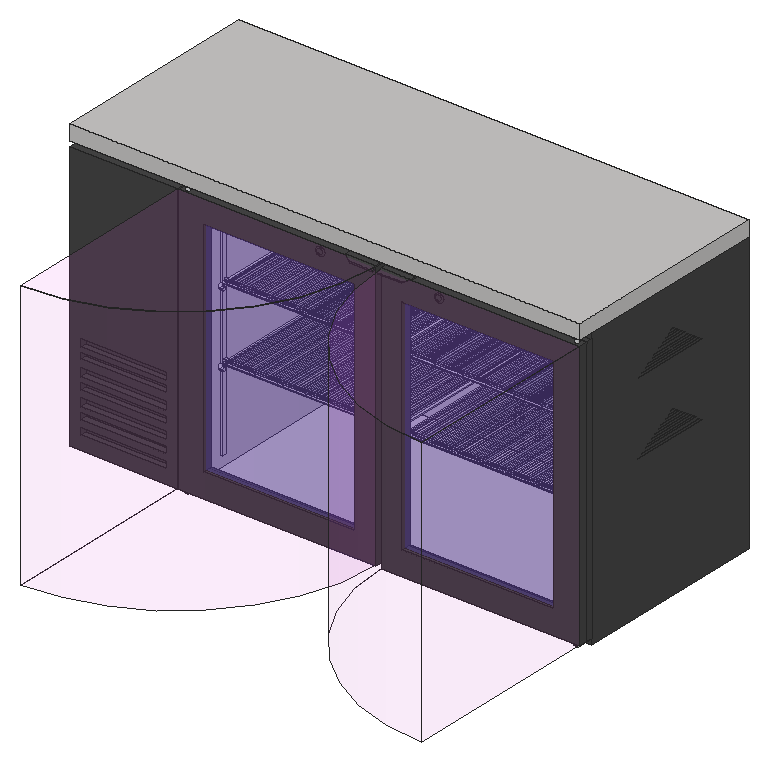
Revit family "QF_True_TBB24-60-2G-Z1-SFT-B-1_Glass_Swing_Door_Back_Bar", category Specialty Equipment, Revit 2021
Family settings
  Round Connector Dimension = Use Diameter
  Part Type = Normal
  Work Plane-Based = No
  Always vertical = Yes
  Cut with Voids When Loaded = No
  Shared = No
  Room Calculation Point = No
Parameters
  Weight in Pounds = 345
  Watts = Volts * FL Amps  # 368 W
  Volts = 115 V
  URL Cutsheet = ""
  Specification by User = ""
  Specification by Manufacturer = ""
  Show Seismic Flanged [instance] = yes
  Show Door Clearance [instance] = yes
  Show Default [instance] = if(or([Show 2" Casters], [Show 3" Casters]), or(or([Show 4" Casters], [Show 5" Casters], [Show 6" Legs]), and([Show 2" Casters], [Show 3" Casters]), and([Show 3" Casters], Show Seismic Flanged)), if(or([Show 4" Casters], [Show 5" Casters]), or(or([Show 6" Legs], Show Seismic Flanged), and([Show 4" Casters], [Show 5" Casters])), if([Show 6" Legs], Show Seismic Flanged, not(Show Seismic Flanged))))  # yes
  Show 6" Legs [instance] = yes
  Show 5" Casters [instance] = yes
  Show 4" Casters [instance] = yes
  Show 3" Casters [instance] = yes
  Show 2" Casters [instance] = yes
  Serial Number = ""
  Seismic Rating = ""
  SMACNA No = ""
  Revision Code = ""
  Phase = 1
  Number of Poles = 1
  NAFEM Spec ID Number = ""
  Model = "TBB24-60-2G-Z1-SFT-B-1"
  Min Ckt Ampacity = 0 A
  Max Overcurrent Protection = 0 A
  Masterspec = ""
  Manufacturer = "True"
  Length = 60 1/32"
  Item Number = ""
  Installed By = ""
  Identify Quantity as Lot = yes
  Height [instance] = Base Height + Body Height  # 34 23/32"
  HP = "1/4"
  Furnished By = ""
  Foodservice Equipment Identifier = yes
  FL Amps = 3.2 A
  Electrical Remarks = ""
  Electric Connection Type = ""
  Elec Conn RI Height = 0"
  Elec Conn Connection Height = 0"
  Door Finish [instance] = QF_Metallic_Paint_Black_Smooth
  Description = "Glass Swing Door Back Bar 24\" Depth Single Zone Cooler with Stainless Finished Top and Black Exterior"
  Depth = 25 11/32"
  Default Elevation = 0"
  Cycle = 60 Hz
  Counter Top Finish [instance] = QF_Metal_Stainless_Polished
  Conn Plug = "NEMA 5-15P"
  Conn Conduit = yes
  CSI MasterFormat = ""
  Body Height [instance] = 34 23/32"
  Body Finish [instance] = QF_Metallic_Paint_Black_Smooth
  Base Height [instance] = if(Show Default, 0", if([Show 2" Casters], 2", if([Show 3" Casters], 3", if([Show 4" Casters], 4", if([Show 5" Casters], 5", if([Show 6" Legs], 6", if(Show Seismic Flanged, 6", 0")))))))  # 0"
  Apparent Power = 0 VA
Reference planes (in)
  plane 1 "BACK": y = 0
  plane 2: z = 0
  plane 3 "LEFT": x = 0
  plane 4 "RIGHT": x = 60.03125
  plane 5 "FRONT": y = -25.34375
  plane 6 "TOP": z = 34.71875
  plane 7 "Center Y": x = 30.01563
  plane 8 "Center X": y = -12.67188
  plane 9: z = 0
Dimensions and locks (in)
  equal spacing: plane 3 "LEFT", plane 7 "Center Y", plane 4 "RIGHT"
  "Length": plane 3 "LEFT" to plane 4 "RIGHT"
  equal spacing: plane 5 "FRONT", plane 8 "Center X", plane 1 "BACK"
  "Depth": plane 5 "FRONT" to plane 1 "BACK"
  plane 6 "TOP" to level = 34 23/32"
  "Base Height": plane 9 to level
  "Body Height": plane 6 "TOP" to plane 9
  aligned and locked: level to plane 2
  aligned and locked: nested 1 to plane 9
Nested families (in)
  nested 1: "TBB24-60-2G-Z1-BST-B-1" at (0, 0, 0), Body Finish <- "Body Finish", Counter Top Finishes <- "Counter Top Finish", Door Finish <- "Door Finish", Show Door Clearance <- "Show Door Clearance", type "TBB24-60-2G-Z1-BST-B-1"
    with Show Door Clearance yes, Door Finish QF_Metallic_Paint_Black_Smooth, Counter Top Finishes QF_Metal_Stainless_Polished, Body Finish QF_Metallic_Paint_Black_Smooth
  nested 2: "Family3" at (3.01562, -20.91792, 0), Show 2" Casters <- "Show 2" Casters", Show 3" Casters <- "Show 3" Casters", Show 4" Casters <- "Show 4" Casters", Show 5" Casters <- "Show 5" Casters", Show 6" Legs <- "Show 6" Legs", Show Seismic Flanged <- "Show Seismic Flanged", type "Family3"
    with Show Seismic Flanged yes, Show 6" Legs yes, Show 5" Casters yes, Show 4" Casters yes, Show 3" Casters yes, Show 2" Casters yes
  nested 3: "Family3" at (57.01562, -20.91792, 0), Show 2" Casters <- "Show 2" Casters", Show 3" Casters <- "Show 3" Casters", Show 4" Casters <- "Show 4" Casters", Show 5" Casters <- "Show 5" Casters", Show 6" Legs <- "Show 6" Legs", Show Seismic Flanged <- "Show Seismic Flanged", type "Family3"
    with Show Seismic Flanged yes, Show 6" Legs yes, Show 5" Casters yes, Show 4" Casters yes, Show 3" Casters yes, Show 2" Casters yes
  nested 4: "Family3" at (3.01562, -3.91792, 0), Show 2" Casters <- "Show 2" Casters", Show 3" Casters <- "Show 3" Casters", Show 4" Casters <- "Show 4" Casters", Show 5" Casters <- "Show 5" Casters", Show 6" Legs <- "Show 6" Legs", Show Seismic Flanged <- "Show Seismic Flanged", type "Family3"
    with Show Seismic Flanged yes, Show 6" Legs yes, Show 5" Casters yes, Show 4" Casters yes, Show 3" Casters yes, Show 2" Casters yes
  nested 5: "Family3" at (57.01562, -3.91792, 0), Show 2" Casters <- "Show 2" Casters", Show 3" Casters <- "Show 3" Casters", Show 4" Casters <- "Show 4" Casters", Show 5" Casters <- "Show 5" Casters", Show 6" Legs <- "Show 6" Legs", Show Seismic Flanged <- "Show Seismic Flanged", type "Family3"
    with Show Seismic Flanged yes, Show 6" Legs yes, Show 5" Casters yes, Show 4" Casters yes, Show 3" Casters yes, Show 2" Casters yes
Connectors (in)
  electrical at (5.92159, 0.23047, 18.36709), driven by "Volts", driven by "Watts"
    settings: on nested 1, index 1, voltage 115 V, apparent load 368 VA, apparent load phase1 0 VA, apparent load phase2 0 VA, apparent load phase3 0 VA, power factor 1, load classification "Other", number of poles 1, system type 30, power factor state 1, is connector primary yes, connector utility no, sub classification motor no, connector description "ELECTRICAL CONNECTION"
Definition of nested family "TBB24-60-2G-Z1-BST-B-1"
  Parameters (values of type "TBB24-60-2G-Z1-BST-B-1")
    Weight in Pounds = 0
    URL Cutsheet = ""
    Specification by User = ""
    Specification by Manufacturer = ""
    Show Door Clearance [instance] = yes
    Serial Number = ""
    Seismic Rating = ""
    SMACNA No = ""
    Revision Code = ""
    NAFEM Spec ID Number = ""
    Masterspec = ""
    Length = 60 1/32"
    Item Number = ""
    Installed By = ""
    Identify Quantity as Lot = yes
    Height = 34 23/32"
    Furnished By = ""
    Foodservice Equipment Identifier = yes
    Door Finish [instance] = none
    Depth = 25 11/32"
    Default Elevation = 0"
    Counter Top Finishes [instance] = none
    CSI MasterFormat = ""
    Body Finish [instance] = none
  Reference planes (in)
    plane 1 "BACK": y = 0
    plane 2: z = 0
    plane 3 "LEFT": x = 0
    plane 4 "RIGHT": x = 60.03125
    plane 5 "FRONT": y = -25.34375
    plane 6 "TOP": z = 34.71875
    plane 7 "Center Y": x = 30.01563
    plane 8 "Center X": y = -12.67188
    plane 9: y = -48.09375
    plane 10: z = 0.6875
    plane 11: z = 32.9375
    plane 12: z = 2.0625
    plane 13: y = -21.41792
    plane 14: z = 0.33506
    plane 15: y = -24.875
    plane 16: y = -21.41792
  Forms (in)
    Extrusion 1, solid, material <- "Counter Top Finishes"
      sketch origin (0, 0, 0) x (1, 0, 0) y (0, 0, 1)
        loop
          line (0, 34.71875) -> (0, 32.9375) -> (60.03125, 32.9375) -> (60.03125, 34.71875) -> (0, 34.71875)
      from 0 to 24.875
    Extrusion 2, solid, material <- "Body Finish"
      sketch origin (0, 0, 0) x (0, 1, 0) y (0, 0, 1)
        loop
          line (0, 32.9375) -> (-23.09422, 32.9375) -> (-23.09422, 0) -> (0, 0) -> (0, 32.9375)
      from 0 to 60.03125
    Extrusion 3, void
      sketch origin (-0.75, -1.91691, 2.0625) x (0, -1, 0) y (1, 0, 0)
        loop
          line (0, 15.65625) -> (21.17731, 15.65625) -> (21.17731, 58.16688) -> (0, 58.16688) -> (0, 15.65625)
      from 0 to 30.21251
    Extrusion 4, solid, material <- "Body Finish"
      sketch origin (0, -23.09422, 32.9375) x (0, 0, -1) y (1, 0, 0)
        loop
          line (0.66249, 0) -> (32.25, 0) -> (32.25, 12.78125) -> (0.66249, 12.78125) -> (0.66249, 0)
      from 0 to 1.78078
    Extrusion 5, void
      sketch origin (0, -24.875, 32.9375) x (0, 0, 1) y (1, 0, 0)
        loop
          line (-20.35539, 1.27626) -> (-20.35539, 11.4546) -> (-21.35539, 11.4546) -> (-21.35539, 1.27626) -> (-20.35539, 1.27626)
        loop
          line (-21.80947, 1.27626) -> (-21.80947, 11.4546) -> (-22.63661, 11.4546) -> (-22.63661, 1.27626) -> (-21.80947, 1.27626)
        loop
          line (-23.48039, 1.27626) -> (-23.48039, 11.4546) -> (-24.48039, 11.4546) -> (-24.48039, 1.27626) -> (-23.48039, 1.27626)
        loop
          line (-25.05947, 1.27626) -> (-25.05947, 11.4546) -> (-25.88661, 11.4546) -> (-25.88661, 1.27626) -> (-25.05947, 1.27626)
        loop
          line (-26.60539, 1.27626) -> (-26.60539, 11.4546) -> (-27.60539, 11.4546) -> (-27.60539, 1.27626) -> (-26.60539, 1.27626)
        loop
          line (-28.18447, 1.27626) -> (-28.18447, 11.4546) -> (-29.01161, 11.4546) -> (-29.01161, 1.27626) -> (-28.18447, 1.27626)
        loop
          line (-29.80947, 1.27626) -> (-29.80947, 11.4546) -> (-30.63661, 11.4546) -> (-30.63661, 1.27626) -> (-29.80947, 1.27626)
      from 0 to 0.83594
    Extrusion 6, solid
      sketch origin (0, 0, 32.6875) x (0, 0, 1) y (1, 0, 0)
        loop
          arc (-12.59037, 11.27264) -> (-12.81004, 11.80298) -> (-13.34037, 12.02264) r 0.75
          line (-13.34037, 12.02264) -> (-31.375, 12.02264)
          arc (-31.375, 12.02264) -> (-31.90533, 11.80298) -> (-32.125, 11.27264) r 0.75
          line (-32.125, 11.27264) -> (-32.125, 0.75)
          arc (-32.125, 0.75) -> (-31.90533, 0.21967) -> (-31.375, 0) r 0.75
          line (-31.375, 0) -> (-13.34037, 0)
          arc (-13.34037, 0) -> (-12.81004, 0.21967) -> (-12.59037, 0.75) r 0.75
          line (-12.59037, 0.75) -> (-12.59037, 5.19897) -> (-12.14941, 5.19897)
          arc (-12.14941, 5.19897) -> (-11.39941, 5.94897) -> (-12.14941, 6.69897) r 0.75
          line (-12.14941, 6.69897) -> (-12.59037, 6.69897) -> (-12.59037, 11.27264)
      from 0 to 0.03125
    Extrusion 7, solid
      sketch origin (0, 0.03125, 32.6875) x (0, 0, 1) y (1, 0, 0)
        loop
          line (-11.64941, 5.94897) -> (-11.89941, 6.38198) -> (-12.39941, 6.38198) -> (-12.64941, 5.94897) -> (-12.39941, 5.51596) -> (-11.89941, 5.51596) -> (-11.64941, 5.94897)
      from 0 to 0.19922
    Extrusion 8, solid
      sketch origin (0, 0.03125, 32.6875) x (0, 0, 1) y (1, 0, 0)
        loop
          circle (-14.32041, 5.92159) r 0.5
      from 0 to 0.19922
    Blend 9, solid, material <- "Door Finish"
      base sketch origin (-5, -24.875, 35.99786) x (0, 0, -1) y (1, 0, 0)
        loop
          circle (4.37806, 48.52437) r 0.5
      top sketch origin (-5, -24.875, 35.99786) x (0, 0, 1) y (1, 0, 0)
        loop
          circle (-4.37806, 48.52437) r 0.37406
      from 0 to 0.04478
    Extrusion 10, solid
      sketch origin (14.90625, -23.09422, 2.0625) x (0, 1, 0) y (0, 0, 1)
        loop
          line (1.6763, 28.46788) -> (1.6763, 1.46788) -> (2.1763, 1.46788) -> (2.1763, 28.46788) -> (1.6763, 28.46788)
        loop
          line (17.9263, 28.46788) -> (17.9263, 1.46788) -> (18.4263, 1.46788) -> (18.4263, 28.46788) -> (17.9263, 28.46788)
      from 0 to 0.38124
    Extrusion 11, solid
      sketch origin (57.41688, -1.91691, 2.0625) x (0, -1, 0) y (0, 0, 1)
        loop
          line (19.50101, 28.46788) -> (19.00101, 28.46788) -> (19.00101, 1.46788) -> (19.50101, 1.46788) -> (19.50101, 28.46788)
        loop
          line (3.25101, 28.46788) -> (2.75101, 28.46788) -> (2.75101, 1.46788) -> (3.25101, 1.46788) -> (3.25101, 28.46788)
      from 0 to 0.38124
    Extrusion 12, solid
      sketch origin (19.04188, -1.91691, 2.0625) x (1, 0, 0) y (0, 0, 1)
        loop
          line (15.49577, 28.46788) -> (15.49577, 1.46788) -> (15.99577, 1.46788) -> (15.99577, 28.46788) -> (15.49577, 28.46788)
        loop
          line (18.27204, 28.46788) -> (17.77204, 28.46788) -> (17.77204, 1.46788) -> (18.27204, 1.46788) -> (18.27204, 28.46788)
        loop
          line (-0.31673, 28.46788) -> (-0.31673, 1.46788) -> (0.18327, 1.46788) -> (0.18327, 28.46788) -> (-0.31673, 28.46788)
        loop
          line (34.59516, 28.46788) -> (34.09516, 28.46788) -> (34.09516, 1.46788) -> (34.59516, 1.46788) -> (34.59516, 28.46788)
      from 0 to 0.38281
    Sweep 13, solid
      path origin (-10.42517, -180.25, 22.00641) x (-1, 0, 0) y (0, -1, 0)
        loop
          line (-25.93408, -158.83208) -> (-45.43408, -158.83208)
          arc (-45.43408, -158.83208) -> (-45.78763, -158.97853) -> (-45.93408, -159.33208) r 0.5
          line (-45.93408, -159.33208) -> (-45.93408, -177.20028)
          arc (-45.93408, -177.20028) -> (-45.78763, -177.55383) -> (-45.43408, -177.70028) r 0.5
          line (-45.43408, -177.70028) -> (-26.43408, -177.70028)
          arc (-26.43408, -177.70028) -> (-26.08052, -177.55383) -> (-25.93408, -177.20028) r 0.5
          line (-25.93408, -177.20028) -> (-25.93408, -158.33208)
          arc (-25.93408, -158.33208) -> (-26.08052, -157.97853) -> (-26.43408, -157.83208) r 0.5
          line (-26.43408, -157.83208) -> (-26.68408, -157.83208)
      profile origin (15.50891, -12.48382, 22.00641) x (1, 0, 0) y (0, 0, 1)
        loop
          circle (0, -0.10817) r 0.14183
    Extrusion 14, solid
      sketch origin (19.04188, -21.41792, 3.53038) x (0, 0, 1) y (-1, 0, 0)
        loop
          line (18.22603, 3.31156) -> (18.22603, 3.75439) -> (17.64488, 3.75439) -> (18.08771, 3.31156) -> (18.22603, 3.31156)
        loop
          line (18.22603, -37.55093) -> (18.08771, -37.55093) -> (17.64488, -37.99376) -> (18.22603, -37.99376) -> (18.22603, -37.55093)
      from 0 to -0.5
    Extrusion 15, solid
      sketch origin (25.04188, -5.16792, 3.53038) x (0, 0, 1) y (-1, 0, 0)
        loop
          line (18.22603, 9.31156) -> (18.22603, 9.75439) -> (17.64488, 9.75439) -> (18.08771, 9.31156) -> (18.22603, 9.31156)
        loop
          line (18.22603, -31.55093) -> (18.08771, -31.55093) -> (17.64488, -31.99376) -> (18.22603, -31.99376) -> (18.22603, -31.55093)
      from 0 to -0.5
    Extrusion 16, solid
      sketch origin (34.53765, -1.91691, 3.53038) x (0, 0, 1) y (0, 1, 0)
        loop
          line (18.22603, -0.82564) -> (18.22603, -0.38281) -> (17.64488, -0.38281) -> (18.08771, -0.82564) -> (18.22603, -0.82564)
      from 0 to -0.5
    Extrusion 17, solid
      sketch origin (18.72515, -1.91691, 3.53038) x (0, 0, 1) y (0, 1, 0)
        loop
          line (18.22603, -0.82564) -> (18.22603, -0.38281) -> (17.64488, -0.38281) -> (18.08771, -0.82564) -> (18.22603, -0.82564)
      from 0 to -0.5
    Extrusion 18, solid
      sketch origin (37.31391, -1.91691, 29.47235) x (0, 0, 1) y (0, -1, 0)
        loop
          line (-7.71594, 0.82564) -> (-7.85426, 0.82564) -> (-8.29708, 0.38281) -> (-7.71594, 0.38281) -> (-7.71594, 0.82564)
      from 0 to -0.5
    Extrusion 19, solid
      sketch origin (14.90625, -21.41792, -4.96962) x (0, 0, 1) y (-1, 0, 0)
        loop
          line (18.22603, -0.82407) -> (18.22603, -0.38124) -> (17.64488, -0.38124) -> (18.08771, -0.82407) -> (18.22603, -0.82407)
        loop
          line (18.22603, -41.68656) -> (18.08771, -41.68656) -> (17.64488, -42.12939) -> (18.22603, -42.12939) -> (18.22603, -41.68656)
      from 0 to -0.5
    Extrusion 20, solid
      sketch origin (34.53765, -1.91691, -4.96962) x (0, 0, 1) y (0, 1, 0)
        loop
          line (18.22603, -0.82564) -> (18.22603, -0.38281) -> (17.64488, -0.38281) -> (18.08771, -0.82564) -> (18.22603, -0.82564)
      from 0 to -0.5
    Extrusion 21, solid
      sketch origin (18.72515, -1.91691, -4.96962) x (0, 0, 1) y (0, 1, 0)
        loop
          line (18.22603, -0.82564) -> (18.22603, -0.38281) -> (17.64488, -0.38281) -> (18.08771, -0.82564) -> (18.22603, -0.82564)
      from 0 to -0.5
    Extrusion 22, solid
      sketch origin (15.5375, -180, 22.04397) x (0, 0, 1) y (0, -1, 0)
        loop
          circle (0.11695, -158.83233) r 0.05462
      from -0.25 to 19.9636
    Extrusion 23, solid
      sketch origin (15.5375, -180, 13.54397) x (0, 0, 1) y (0, -1, 0)
        loop
          circle (0.11695, -158.83233) r 0.05462
      from -0.25 to 19.9636
    Extrusion 24, solid
      sketch origin (56.82469, -180, 22.04397) x (0, 0, 1) y (0, 1, 0)
        loop
          circle (0.11695, 158.83233) r 0.05462
      from -0.21094 to 20.01078
    Extrusion 25, solid
      sketch origin (56.82022, -180, 13.54007) x (0, 0, 1) y (0, 1, 0)
        loop
          circle (0.11695, 158.83233) r 0.05462
      from -0.21094 to 20.00631
    Extrusion 26, solid
      sketch origin (-1.61038, -180, 0.33506) x (-1, 0, 0) y (0, -1, 0)
        loop
          line (-61.29788, -156.90578) -> (-59.66418, -156.90578)
          arc (-59.66418, -156.90578) -> (-59.54705, -156.82752) -> (-59.57453, -156.68935) r 0.12678
          line (-59.57453, -156.68935) -> (-60.70798, -155.5559)
          arc (-60.70798, -155.5559) -> (-60.77855, -155.50875) -> (-60.8618, -155.49219) r 0.21754
          line (-60.8618, -155.49219) -> (-61.1513, -155.49219)
          arc (-61.1513, -155.49219) -> (-61.25494, -155.53512) -> (-61.29788, -155.63876) r 0.14658
          line (-61.29788, -155.63876) -> (-61.29788, -156.90578)
        loop
          line (-14.76663, -156.90578) -> (-14.76663, -155.63876)
          arc (-14.76663, -155.63876) -> (-14.80956, -155.53512) -> (-14.9132, -155.49219) r 0.14658
          line (-14.9132, -155.49219) -> (-15.2027, -155.49219)
          arc (-15.2027, -155.49219) -> (-15.28595, -155.50875) -> (-15.35652, -155.5559) r 0.21754
          line (-15.35652, -155.5559) -> (-16.48997, -156.68935)
          arc (-16.48997, -156.68935) -> (-16.51745, -156.82752) -> (-16.40032, -156.90578) r 0.12678
          line (-16.40032, -156.90578) -> (-14.76663, -156.90578)
      from 0 to 0.0625
    Extrusion 27, solid
      sketch origin (0.42834, -23.09422, 32.9375) x (0, 0, -1) y (1, 0, 0)
        loop
          line (32.60244, 12.72791) -> (32.60244, 14.48839) -> (32.25, 14.48839) -> (32.25, 12.72791) -> (32.60244, 12.72791)
        loop
          line (32.60244, 59.25916) -> (32.25, 59.25916) -> (32.25, 57.49868) -> (32.60244, 57.49868) -> (32.60244, 59.25916)
      from 0 to 0.0625
    Revolve 28, solid
      sketch origin (59.28125, -179.80331, 0.39756) x (0, 0, 1) y (0, -1, 0)
        loop
          line (0.28994, -155.82696) -> (0, -155.82696) -> (0, -156.0211) -> (0.28994, -156.0211) -> (0.28994, -155.82696)
        axis (0.28994, -155.82696) -> (0, -155.82696)
      angle from 0 to 360
    Revolve 29, solid
      sketch origin (13.53125, -179.80331, 0.39756) x (0, 0, 1) y (0, -1, 0)
        loop
          line (0.28994, -155.82696) -> (0, -155.82696) -> (0, -156.0211) -> (0.28994, -156.0211) -> (0.28994, -155.82696)
        axis (0.28994, -155.82696) -> (0, -155.82696)
      angle from 0 to 360
    Extrusion 30, solid, material <- "Door Finish"
      sketch origin (0, -23.09422, 32.9375) x (0, 0, -1) y (1, 0, 0)
        loop
          line (0.66249, 12.78125) -> (32.25, 12.78125) -> (32.25, 36.40625) -> (0.66249, 36.40625) -> (0.66249, 12.78125)
        loop
          line (31.25, 13.78125) -> (31.25, 35.40625) -> (1.66249, 35.40625) -> (1.66249, 13.78125) -> (31.25, 13.78125)
      from 0 to 0.64622
    Extrusion 31, solid, material <- "Door Finish"
      sketch origin (71.7727, -23.09422, 32.9375) x (0, 0, -1) y (1, 0, 0)
        loop
          line (0.66249, -11.74145) -> (0.66249, -35.36645) -> (32.25, -35.36645) -> (32.25, -11.74145) -> (0.66249, -11.74145)
        loop
          line (31.25, -12.74145) -> (1.66249, -12.74145) -> (1.66249, -34.36645) -> (31.25, -34.36645) -> (31.25, -12.74145)
      from 0 to 0.64622
    Extrusion 32, solid, material <- "Door Finish"
      sketch origin (71.7727, -23.09422, 32.9375) x (0, 0, -1) y (1, 0, 0)
        loop
          line (0.66249, -11.74145) -> (0.66249, -35.05395) -> (32.25, -35.05395) -> (32.25, -11.74145) -> (0.66249, -11.74145)
        loop
          line (3.27169, -14.74153) -> (3.27169, -32.59088) -> (29.40712, -32.59088) -> (29.40712, -14.74153) -> (3.27169, -14.74153)
      from 1.78078 to 0.64622
    Sweep 33, solid
      path origin (-10.42517, -180.25, 13.50641) x (-1, 0, 0) y (0, -1, 0)
        loop
          line (-25.93408, -158.83208) -> (-45.43408, -158.83208)
          arc (-45.43408, -158.83208) -> (-45.78763, -158.97853) -> (-45.93408, -159.33208) r 0.5
          line (-45.93408, -159.33208) -> (-45.93408, -177.20028)
          arc (-45.93408, -177.20028) -> (-45.78763, -177.55383) -> (-45.43408, -177.70028) r 0.5
          line (-45.43408, -177.70028) -> (-26.43408, -177.70028)
          arc (-26.43408, -177.70028) -> (-26.08052, -177.55383) -> (-25.93408, -177.20028) r 0.5
          line (-25.93408, -177.20028) -> (-25.93408, -158.33208)
          arc (-25.93408, -158.33208) -> (-26.08052, -157.97853) -> (-26.43408, -157.83208) r 0.5
          line (-26.43408, -157.83208) -> (-26.68408, -157.83208)
      profile origin (15.50891, -12.48382, 13.50641) x (1, 0, 0) y (0, 0, 1)
        loop
          circle (0, -0.10817) r 0.14183
    Extrusion 34, solid
      sketch origin (53.63704, -1.91691, 29.47235) x (0, 0, 1) y (0, -1, 0)
        loop
          line (-7.71594, 0.82564) -> (-7.85426, 0.82564) -> (-8.29708, 0.38281) -> (-7.71594, 0.38281) -> (-7.71594, 0.82564)
      from 0 to -0.5
    Extrusion 35, solid
      sketch origin (36.81391, -1.91691, 30.53038) x (0, 0, -1) y (0, -1, 0)
        loop
          line (17.27397, 0.82564) -> (17.27397, 0.38281) -> (17.85512, 0.38281) -> (17.41229, 0.82564) -> (17.27397, 0.82564)
      from 0 to -0.5
    Extrusion 36, solid
      sketch origin (53.63704, -1.91691, 3.53038) x (0, 0, 1) y (0, -1, 0)
        loop
          line (9.72603, 0.82564) -> (9.58771, 0.82564) -> (9.14488, 0.38281) -> (9.72603, 0.38281) -> (9.72603, 0.82564)
      from 0 to -0.5
    Sweep 37, solid
      path origin (82.7483, -180.25, 22.00641) x (1, 0, 0) y (0, 1, 0)
        loop
          line (-25.93408, 158.83208) -> (-45.43408, 158.83208)
          arc (-45.43408, 158.83208) -> (-45.78763, 158.97853) -> (-45.93408, 159.33208) r 0.5
          line (-45.93408, 159.33208) -> (-45.93408, 177.20028)
          arc (-45.93408, 177.20028) -> (-45.78763, 177.55383) -> (-45.43408, 177.70028) r 0.5
          line (-45.43408, 177.70028) -> (-26.43408, 177.70028)
          arc (-26.43408, 177.70028) -> (-26.08052, 177.55383) -> (-25.93408, 177.20028) r 0.5
          line (-25.93408, 177.20028) -> (-25.93408, 158.33208)
          arc (-25.93408, 158.33208) -> (-26.08052, 157.97853) -> (-26.43408, 157.83208) r 0.5
          line (-26.43408, 157.83208) -> (-26.68408, 157.83208)
      profile origin (56.81422, -12.48382, 22.00641) x (1, 0, 0) y (0, 0, 1)
        loop
          circle (0, -0.10817) r 0.14183
    Sweep 38, solid
      path origin (82.7483, -180.25, 13.50641) x (1, 0, 0) y (0, 1, 0)
        loop
          line (-25.93408, 158.83208) -> (-45.43408, 158.83208)
          arc (-45.43408, 158.83208) -> (-45.78763, 158.97853) -> (-45.93408, 159.33208) r 0.5
          line (-45.93408, 159.33208) -> (-45.93408, 177.20028)
          arc (-45.93408, 177.20028) -> (-45.78763, 177.55383) -> (-45.43408, 177.70028) r 0.5
          line (-45.43408, 177.70028) -> (-26.43408, 177.70028)
          arc (-26.43408, 177.70028) -> (-26.08052, 177.55383) -> (-25.93408, 177.20028) r 0.5
          line (-25.93408, 177.20028) -> (-25.93408, 158.33208)
          arc (-25.93408, 158.33208) -> (-26.08052, 157.97853) -> (-26.43408, 157.83208) r 0.5
          line (-26.43408, 157.83208) -> (-26.68408, 157.83208)
      profile origin (56.81422, -12.48382, 13.50641) x (1, 0, 0) y (0, 0, 1)
        loop
          circle (0, -0.10817) r 0.14183
    Extrusion 39, solid
      sketch origin (0, -21.41792, 22.04105) x (0, 0, -1) y (1, 0, 0)
        loop
          circle (-0.03189, 15.80488) r 0.03205
      from 0 to -18.90457
    Extrusion 40, solid
      sketch origin (19.5489, -21.41792, 22.04105) x (0, 0, -1) y (1, 0, 0)
        loop
          circle (-0.03189, 15.80488) r 0.03205
      from 0 to -18.90457
    Extrusion 41, solid
      sketch origin (0.33134, -21.41792, 22.04105) x (0, 0, -1) y (1, 0, 0)
        loop
          circle (-0.03189, 15.80488) r 0.03205
      from 0 to -18.90457
    Extrusion 42, solid
      sketch origin (0.66267, -21.41792, 22.04105) x (0, 0, -1) y (1, 0, 0)
        loop
          circle (-0.03189, 15.80488) r 0.03205
      from 0 to -18.90457
    Extrusion 43, solid
      sketch origin (0.99401, -21.41792, 22.04105) x (0, 0, -1) y (1, 0, 0)
        loop
          circle (-0.03189, 15.80488) r 0.03205
      from 0 to -18.90457
    Extrusion 44, solid
      sketch origin (1.32535, -21.41792, 22.04105) x (0, 0, -1) y (1, 0, 0)
        loop
          circle (-0.03189, 15.80488) r 0.03205
      from 0 to -18.90457
    Extrusion 45, solid
      sketch origin (1.65669, -21.41792, 22.04105) x (0, 0, -1) y (1, 0, 0)
        loop
          circle (-0.03189, 15.80488) r 0.03205
      from 0 to -18.90457
    Extrusion 46, solid
      sketch origin (1.98802, -21.41792, 22.04105) x (0, 0, -1) y (1, 0, 0)
        loop
          circle (-0.03189, 15.80488) r 0.03205
      from 0 to -18.90457
    Extrusion 47, solid
      sketch origin (2.31936, -21.41792, 22.04105) x (0, 0, -1) y (1, 0, 0)
        loop
          circle (-0.03189, 15.80488) r 0.03205
      from 0 to -18.90457
    Extrusion 48, solid
      sketch origin (2.6507, -21.41792, 22.04105) x (0, 0, -1) y (1, 0, 0)
        loop
          circle (-0.03189, 15.80488) r 0.03205
      from 0 to -18.90457
    Extrusion 49, solid
      sketch origin (2.98203, -21.41792, 22.04105) x (0, 0, -1) y (1, 0, 0)
        loop
          circle (-0.03189, 15.80488) r 0.03205
      from 0 to -18.90457
    Extrusion 50, solid
      sketch origin (3.31337, -21.41792, 22.04105) x (0, 0, -1) y (1, 0, 0)
        loop
          circle (-0.03189, 15.80488) r 0.03205
      from 0 to -18.90457
    Extrusion 51, solid
      sketch origin (3.64471, -21.41792, 22.04105) x (0, 0, -1) y (1, 0, 0)
        loop
          circle (-0.03189, 15.80488) r 0.03205
      from 0 to -18.90457
    Extrusion 52, solid
      sketch origin (3.97605, -21.41792, 22.04105) x (0, 0, -1) y (1, 0, 0)
        loop
          circle (-0.03189, 15.80488) r 0.03205
      from 0 to -18.90457
    Extrusion 53, solid
      sketch origin (4.30738, -21.41792, 22.04105) x (0, 0, -1) y (1, 0, 0)
        loop
          circle (-0.03189, 15.80488) r 0.03205
      from 0 to -18.90457
    Extrusion 54, solid
      sketch origin (4.63872, -21.41792, 22.04105) x (0, 0, -1) y (1, 0, 0)
        loop
          circle (-0.03189, 15.80488) r 0.03205
      from 0 to -18.90457
    Extrusion 55, solid
      sketch origin (4.97006, -21.41792, 22.04105) x (0, 0, -1) y (1, 0, 0)
        loop
          circle (-0.03189, 15.80488) r 0.03205
      from 0 to -18.90457
    Extrusion 56, solid
      sketch origin (5.3014, -21.41792, 22.04105) x (0, 0, -1) y (1, 0, 0)
        loop
          circle (-0.03189, 15.80488) r 0.03205
      from 0 to -18.90457
    Extrusion 57, solid
      sketch origin (5.63273, -21.41792, 22.04105) x (0, 0, -1) y (1, 0, 0)
        loop
          circle (-0.03189, 15.80488) r 0.03205
      from 0 to -18.90457
    Extrusion 58, solid
      sketch origin (5.96407, -21.41792, 22.04105) x (0, 0, -1) y (1, 0, 0)
        loop
          circle (-0.03189, 15.80488) r 0.03205
      from 0 to -18.90457
    Extrusion 59, solid
      sketch origin (6.29541, -21.41792, 22.04105) x (0, 0, -1) y (1, 0, 0)
        loop
          circle (-0.03189, 15.80488) r 0.03205
      from 0 to -18.90457
    Extrusion 60, solid
      sketch origin (6.62674, -21.41792, 22.04105) x (0, 0, -1) y (1, 0, 0)
        loop
          circle (-0.03189, 15.80488) r 0.03205
      from 0 to -18.90457
    Extrusion 61, solid
      sketch origin (6.95808, -21.41792, 22.04105) x (0, 0, -1) y (1, 0, 0)
        loop
          circle (-0.03189, 15.80488) r 0.03205
      from 0 to -18.90457
    Extrusion 62, solid
      sketch origin (7.28942, -21.41792, 22.04105) x (0, 0, -1) y (1, 0, 0)
        loop
          circle (-0.03189, 15.80488) r 0.03205
      from 0 to -18.90457
    Extrusion 63, solid
      sketch origin (7.62076, -21.41792, 22.04105) x (0, 0, -1) y (1, 0, 0)
        loop
          circle (-0.03189, 15.80488) r 0.03205
      from 0 to -18.90457
    Extrusion 64, solid
      sketch origin (7.95209, -21.41792, 22.04105) x (0, 0, -1) y (1, 0, 0)
        loop
          circle (-0.03189, 15.80488) r 0.03205
      from 0 to -18.90457
    Extrusion 65, solid
      sketch origin (8.28343, -21.41792, 22.04105) x (0, 0, -1) y (1, 0, 0)
        loop
          circle (-0.03189, 15.80488) r 0.03205
      from 0 to -18.90457
    Extrusion 66, solid
      sketch origin (8.61477, -21.41792, 22.04105) x (0, 0, -1) y (1, 0, 0)
        loop
          circle (-0.03189, 15.80488) r 0.03205
      from 0 to -18.90457
    Extrusion 67, solid
      sketch origin (8.9461, -21.41792, 22.04105) x (0, 0, -1) y (1, 0, 0)
        loop
          circle (-0.03189, 15.80488) r 0.03205
      from 0 to -18.90457
    Extrusion 68, solid
      sketch origin (9.27744, -21.41792, 22.04105) x (0, 0, -1) y (1, 0, 0)
        loop
          circle (-0.03189, 15.80488) r 0.03205
      from 0 to -18.90457
    Extrusion 69, solid
      sketch origin (9.60878, -21.41792, 22.04105) x (0, 0, -1) y (1, 0, 0)
        loop
          circle (-0.03189, 15.80488) r 0.03205
      from 0 to -18.90457
    Extrusion 70, solid
      sketch origin (9.94012, -21.41792, 22.04105) x (0, 0, -1) y (1, 0, 0)
        loop
          circle (-0.03189, 15.80488) r 0.03205
      from 0 to -18.90457
    Extrusion 71, solid
      sketch origin (10.27145, -21.41792, 22.04105) x (0, 0, -1) y (1, 0, 0)
        loop
          circle (-0.03189, 15.80488) r 0.03205
      from 0 to -18.90457
    Extrusion 72, solid
      sketch origin (10.60279, -21.41792, 22.04105) x (0, 0, -1) y (1, 0, 0)
        loop
          circle (-0.03189, 15.80488) r 0.03205
      from 0 to -18.90457
    Extrusion 73, solid
      sketch origin (10.93413, -21.41792, 22.04105) x (0, 0, -1) y (1, 0, 0)
        loop
          circle (-0.03189, 15.80488) r 0.03205
      from 0 to -18.90457
    Extrusion 74, solid
      sketch origin (11.26547, -21.41792, 22.04105) x (0, 0, -1) y (1, 0, 0)
        loop
          circle (-0.03189, 15.80488) r 0.03205
      from 0 to -18.90457
    Extrusion 75, solid
      sketch origin (11.5968, -21.41792, 22.04105) x (0, 0, -1) y (1, 0, 0)
        loop
          circle (-0.03189, 15.80488) r 0.03205
      from 0 to -18.90457
    Extrusion 76, solid
      sketch origin (11.92814, -21.41792, 22.04105) x (0, 0, -1) y (1, 0, 0)
        loop
          circle (-0.03189, 15.80488) r 0.03205
      from 0 to -18.90457
    Extrusion 77, solid
      sketch origin (12.25948, -21.41792, 22.04105) x (0, 0, -1) y (1, 0, 0)
        loop
          circle (-0.03189, 15.80488) r 0.03205
      from 0 to -18.90457
    Extrusion 78, solid
      sketch origin (12.59081, -21.41792, 22.04105) x (0, 0, -1) y (1, 0, 0)
        loop
          circle (-0.03189, 15.80488) r 0.03205
      from 0 to -18.90457
    Extrusion 79, solid
      sketch origin (12.92215, -21.41792, 22.04105) x (0, 0, -1) y (1, 0, 0)
        loop
          circle (-0.03189, 15.80488) r 0.03205
      from 0 to -18.90457
    Extrusion 80, solid
      sketch origin (13.25349, -21.41792, 22.04105) x (0, 0, -1) y (1, 0, 0)
        loop
          circle (-0.03189, 15.80488) r 0.03205
      from 0 to -18.90457
    Extrusion 81, solid
      sketch origin (13.58483, -21.41792, 22.04105) x (0, 0, -1) y (1, 0, 0)
        loop
          circle (-0.03189, 15.80488) r 0.03205
      from 0 to -18.90457
    Extrusion 82, solid
      sketch origin (13.91616, -21.41792, 22.04105) x (0, 0, -1) y (1, 0, 0)
        loop
          circle (-0.03189, 15.80488) r 0.03205
      from 0 to -18.90457
    Extrusion 83, solid
      sketch origin (14.2475, -21.41792, 22.04105) x (0, 0, -1) y (1, 0, 0)
        loop
          circle (-0.03189, 15.80488) r 0.03205
      from 0 to -18.90457
    Extrusion 84, solid
      sketch origin (14.57884, -21.41792, 22.04105) x (0, 0, -1) y (1, 0, 0)
        loop
          circle (-0.03189, 15.80488) r 0.03205
      from 0 to -18.90457
    Extrusion 85, solid
      sketch origin (14.91017, -21.41792, 22.04105) x (0, 0, -1) y (1, 0, 0)
        loop
          circle (-0.03189, 15.80488) r 0.03205
      from 0 to -18.90457
    Extrusion 86, solid
      sketch origin (15.24151, -21.41792, 22.04105) x (0, 0, -1) y (1, 0, 0)
        loop
          circle (-0.03189, 15.80488) r 0.03205
      from 0 to -18.90457
    Extrusion 87, solid
      sketch origin (15.57285, -21.41792, 22.04105) x (0, 0, -1) y (1, 0, 0)
        loop
          circle (-0.03189, 15.80488) r 0.03205
      from 0 to -18.90457
    Extrusion 88, solid
      sketch origin (15.90419, -21.41792, 22.04105) x (0, 0, -1) y (1, 0, 0)
        loop
          circle (-0.03189, 15.80488) r 0.03205
      from 0 to -18.90457
    Extrusion 89, solid
      sketch origin (16.23552, -21.41792, 22.04105) x (0, 0, -1) y (1, 0, 0)
        loop
          circle (-0.03189, 15.80488) r 0.03205
      from 0 to -18.90457
    Extrusion 90, solid
      sketch origin (16.56686, -21.41792, 22.04105) x (0, 0, -1) y (1, 0, 0)
        loop
          circle (-0.03189, 15.80488) r 0.03205
      from 0 to -18.90457
    Extrusion 91, solid
      sketch origin (16.8982, -21.41792, 22.04105) x (0, 0, -1) y (1, 0, 0)
        loop
          circle (-0.03189, 15.80488) r 0.03205
      from 0 to -18.90457
    Extrusion 92, solid
      sketch origin (17.22954, -21.41792, 22.04105) x (0, 0, -1) y (1, 0, 0)
        loop
          circle (-0.03189, 15.80488) r 0.03205
      from 0 to -18.90457
    Extrusion 93, solid
      sketch origin (17.56087, -21.41792, 22.04105) x (0, 0, -1) y (1, 0, 0)
        loop
          circle (-0.03189, 15.80488) r 0.03205
      from 0 to -18.90457
    Extrusion 94, solid
      sketch origin (17.89221, -21.41792, 22.04105) x (0, 0, -1) y (1, 0, 0)
        loop
          circle (-0.03189, 15.80488) r 0.03205
      from 0 to -18.90457
    Extrusion 95, solid
      sketch origin (18.22355, -21.41792, 22.04105) x (0, 0, -1) y (1, 0, 0)
        loop
          circle (-0.03189, 15.80488) r 0.03205
      from 0 to -18.90457
    Extrusion 96, solid
      sketch origin (18.55488, -21.41792, 22.04105) x (0, 0, -1) y (1, 0, 0)
        loop
          circle (-0.03189, 15.80488) r 0.03205
      from 0 to -18.90457
    Extrusion 97, solid
      sketch origin (18.88622, -21.41792, 22.04105) x (0, 0, -1) y (1, 0, 0)
        loop
          circle (-0.03189, 15.80488) r 0.03205
      from 0 to -18.90457
    Extrusion 98, solid
      sketch origin (19.21756, -21.41792, 22.04105) x (0, 0, -1) y (1, 0, 0)
        loop
          circle (-0.03189, 15.80488) r 0.03205
      from 0 to -18.90457
    Extrusion 99, solid
      sketch origin (0, -21.41792, 13.54105) x (0, 0, -1) y (1, 0, 0)
        loop
          circle (-0.03189, 15.80488) r 0.03205
      from 0 to -18.90457
    Extrusion 100, solid
      sketch origin (19.5489, -21.41792, 13.54105) x (0, 0, -1) y (1, 0, 0)
        loop
          circle (-0.03189, 15.80488) r 0.03205
      from 0 to -18.90457
    Extrusion 101, solid
      sketch origin (0.33134, -21.41792, 13.54105) x (0, 0, -1) y (1, 0, 0)
        loop
          circle (-0.03189, 15.80488) r 0.03205
      from 0 to -18.90457
    Extrusion 102, solid
      sketch origin (0.66267, -21.41792, 13.54105) x (0, 0, -1) y (1, 0, 0)
        loop
          circle (-0.03189, 15.80488) r 0.03205
      from 0 to -18.90457
    Extrusion 103, solid
      sketch origin (0.99401, -21.41792, 13.54105) x (0, 0, -1) y (1, 0, 0)
        loop
          circle (-0.03189, 15.80488) r 0.03205
      from 0 to -18.90457
    Extrusion 104, solid
      sketch origin (1.32535, -21.41792, 13.54105) x (0, 0, -1) y (1, 0, 0)
        loop
          circle (-0.03189, 15.80488) r 0.03205
      from 0 to -18.90457
    Extrusion 105, solid
      sketch origin (1.65669, -21.41792, 13.54105) x (0, 0, -1) y (1, 0, 0)
        loop
          circle (-0.03189, 15.80488) r 0.03205
      from 0 to -18.90457
    Extrusion 106, solid
      sketch origin (1.98802, -21.41792, 13.54105) x (0, 0, -1) y (1, 0, 0)
        loop
          circle (-0.03189, 15.80488) r 0.03205
      from 0 to -18.90457
    Extrusion 107, solid
      sketch origin (2.31936, -21.41792, 13.54105) x (0, 0, -1) y (1, 0, 0)
        loop
          circle (-0.03189, 15.80488) r 0.03205
      from 0 to -18.90457
    Extrusion 108, solid
      sketch origin (2.6507, -21.41792, 13.54105) x (0, 0, -1) y (1, 0, 0)
        loop
          circle (-0.03189, 15.80488) r 0.03205
      from 0 to -18.90457
    Extrusion 109, solid
      sketch origin (2.98203, -21.41792, 13.54105) x (0, 0, -1) y (1, 0, 0)
        loop
          circle (-0.03189, 15.80488) r 0.03205
      from 0 to -18.90457
    Extrusion 110, solid
      sketch origin (3.31337, -21.41792, 13.54105) x (0, 0, -1) y (1, 0, 0)
        loop
          circle (-0.03189, 15.80488) r 0.03205
      from 0 to -18.90457
    Extrusion 111, solid
      sketch origin (3.64471, -21.41792, 13.54105) x (0, 0, -1) y (1, 0, 0)
        loop
          circle (-0.03189, 15.80488) r 0.03205
      from 0 to -18.90457
    Extrusion 112, solid
      sketch origin (3.97605, -21.41792, 13.54105) x (0, 0, -1) y (1, 0, 0)
        loop
          circle (-0.03189, 15.80488) r 0.03205
      from 0 to -18.90457
    Extrusion 113, solid
      sketch origin (4.30738, -21.41792, 13.54105) x (0, 0, -1) y (1, 0, 0)
        loop
          circle (-0.03189, 15.80488) r 0.03205
      from 0 to -18.90457
    Extrusion 114, solid
      sketch origin (4.63872, -21.41792, 13.54105) x (0, 0, -1) y (1, 0, 0)
        loop
          circle (-0.03189, 15.80488) r 0.03205
      from 0 to -18.90457
    Extrusion 115, solid
      sketch origin (4.97006, -21.41792, 13.54105) x (0, 0, -1) y (1, 0, 0)
        loop
          circle (-0.03189, 15.80488) r 0.03205
      from 0 to -18.90457
    Extrusion 116, solid
      sketch origin (5.3014, -21.41792, 13.54105) x (0, 0, -1) y (1, 0, 0)
        loop
          circle (-0.03189, 15.80488) r 0.03205
      from 0 to -18.90457
    Extrusion 117, solid
      sketch origin (5.63273, -21.41792, 13.54105) x (0, 0, -1) y (1, 0, 0)
        loop
          circle (-0.03189, 15.80488) r 0.03205
      from 0 to -18.90457
    Extrusion 118, solid
      sketch origin (5.96407, -21.41792, 13.54105) x (0, 0, -1) y (1, 0, 0)
        loop
          circle (-0.03189, 15.80488) r 0.03205
      from 0 to -18.90457
    Extrusion 119, solid
      sketch origin (6.29541, -21.41792, 13.54105) x (0, 0, -1) y (1, 0, 0)
        loop
          circle (-0.03189, 15.80488) r 0.03205
      from 0 to -18.90457
    Extrusion 120, solid
      sketch origin (6.62674, -21.41792, 13.54105) x (0, 0, -1) y (1, 0, 0)
        loop
          circle (-0.03189, 15.80488) r 0.03205
      from 0 to -18.90457
    Extrusion 121, solid
      sketch origin (6.95808, -21.41792, 13.54105) x (0, 0, -1) y (1, 0, 0)
        loop
          circle (-0.03189, 15.80488) r 0.03205
      from 0 to -18.90457
    Extrusion 122, solid
      sketch origin (7.28942, -21.41792, 13.54105) x (0, 0, -1) y (1, 0, 0)
        loop
          circle (-0.03189, 15.80488) r 0.03205
      from 0 to -18.90457
    Extrusion 123, solid
      sketch origin (7.62076, -21.41792, 13.54105) x (0, 0, -1) y (1, 0, 0)
        loop
          circle (-0.03189, 15.80488) r 0.03205
      from 0 to -18.90457
    Extrusion 124, solid
      sketch origin (7.95209, -21.41792, 13.54105) x (0, 0, -1) y (1, 0, 0)
        loop
          circle (-0.03189, 15.80488) r 0.03205
      from 0 to -18.90457
    Extrusion 125, solid
      sketch origin (8.28343, -21.41792, 13.54105) x (0, 0, -1) y (1, 0, 0)
        loop
          circle (-0.03189, 15.80488) r 0.03205
      from 0 to -18.90457
    Extrusion 126, solid
      sketch origin (8.61477, -21.41792, 13.54105) x (0, 0, -1) y (1, 0, 0)
        loop
          circle (-0.03189, 15.80488) r 0.03205
      from 0 to -18.90457
    Extrusion 127, solid
      sketch origin (8.9461, -21.41792, 13.54105) x (0, 0, -1) y (1, 0, 0)
        loop
          circle (-0.03189, 15.80488) r 0.03205
      from 0 to -18.90457
    Extrusion 128, solid
      sketch origin (9.27744, -21.41792, 13.54105) x (0, 0, -1) y (1, 0, 0)
        loop
          circle (-0.03189, 15.80488) r 0.03205
      from 0 to -18.90457
    Extrusion 129, solid
      sketch origin (9.60878, -21.41792, 13.54105) x (0, 0, -1) y (1, 0, 0)
        loop
          circle (-0.03189, 15.80488) r 0.03205
      from 0 to -18.90457
    Extrusion 130, solid
      sketch origin (9.94012, -21.41792, 13.54105) x (0, 0, -1) y (1, 0, 0)
        loop
          circle (-0.03189, 15.80488) r 0.03205
      from 0 to -18.90457
    Extrusion 131, solid
      sketch origin (10.27145, -21.41792, 13.54105) x (0, 0, -1) y (1, 0, 0)
        loop
          circle (-0.03189, 15.80488) r 0.03205
      from 0 to -18.90457
    Extrusion 132, solid
      sketch origin (10.60279, -21.41792, 13.54105) x (0, 0, -1) y (1, 0, 0)
        loop
          circle (-0.03189, 15.80488) r 0.03205
      from 0 to -18.90457
    Extrusion 133, solid
      sketch origin (10.93413, -21.41792, 13.54105) x (0, 0, -1) y (1, 0, 0)
        loop
          circle (-0.03189, 15.80488) r 0.03205
      from 0 to -18.90457
    Extrusion 134, solid
      sketch origin (11.26547, -21.41792, 13.54105) x (0, 0, -1) y (1, 0, 0)
        loop
          circle (-0.03189, 15.80488) r 0.03205
      from 0 to -18.90457
    Extrusion 135, solid
      sketch origin (11.5968, -21.41792, 13.54105) x (0, 0, -1) y (1, 0, 0)
        loop
          circle (-0.03189, 15.80488) r 0.03205
      from 0 to -18.90457
    Extrusion 136, solid
      sketch origin (11.92814, -21.41792, 13.54105) x (0, 0, -1) y (1, 0, 0)
        loop
          circle (-0.03189, 15.80488) r 0.03205
      from 0 to -18.90457
    Extrusion 137, solid
      sketch origin (12.25948, -21.41792, 13.54105) x (0, 0, -1) y (1, 0, 0)
        loop
          circle (-0.03189, 15.80488) r 0.03205
      from 0 to -18.90457
    Extrusion 138, solid
      sketch origin (12.59081, -21.41792, 13.54105) x (0, 0, -1) y (1, 0, 0)
        loop
          circle (-0.03189, 15.80488) r 0.03205
      from 0 to -18.90457
    Extrusion 139, solid
      sketch origin (12.92215, -21.41792, 13.54105) x (0, 0, -1) y (1, 0, 0)
        loop
          circle (-0.03189, 15.80488) r 0.03205
      from 0 to -18.90457
    Extrusion 140, solid
      sketch origin (13.25349, -21.41792, 13.54105) x (0, 0, -1) y (1, 0, 0)
        loop
          circle (-0.03189, 15.80488) r 0.03205
      from 0 to -18.90457
    Extrusion 141, solid
      sketch origin (13.58483, -21.41792, 13.54105) x (0, 0, -1) y (1, 0, 0)
        loop
          circle (-0.03189, 15.80488) r 0.03205
      from 0 to -18.90457
    Extrusion 142, solid
      sketch origin (13.91616, -21.41792, 13.54105) x (0, 0, -1) y (1, 0, 0)
        loop
          circle (-0.03189, 15.80488) r 0.03205
      from 0 to -18.90457
    Extrusion 143, solid
      sketch origin (14.2475, -21.41792, 13.54105) x (0, 0, -1) y (1, 0, 0)
        loop
          circle (-0.03189, 15.80488) r 0.03205
      from 0 to -18.90457
    Extrusion 144, solid
      sketch origin (14.57884, -21.41792, 13.54105) x (0, 0, -1) y (1, 0, 0)
        loop
          circle (-0.03189, 15.80488) r 0.03205
      from 0 to -18.90457
    Extrusion 145, solid
      sketch origin (14.91017, -21.41792, 13.54105) x (0, 0, -1) y (1, 0, 0)
        loop
          circle (-0.03189, 15.80488) r 0.03205
      from 0 to -18.90457
    Extrusion 146, solid
      sketch origin (15.24151, -21.41792, 13.54105) x (0, 0, -1) y (1, 0, 0)
        loop
          circle (-0.03189, 15.80488) r 0.03205
      from 0 to -18.90457
    Extrusion 147, solid
      sketch origin (15.57285, -21.41792, 13.54105) x (0, 0, -1) y (1, 0, 0)
        loop
          circle (-0.03189, 15.80488) r 0.03205
      from 0 to -18.90457
    Extrusion 148, solid
      sketch origin (15.90419, -21.41792, 13.54105) x (0, 0, -1) y (1, 0, 0)
        loop
          circle (-0.03189, 15.80488) r 0.03205
      from 0 to -18.90457
    Extrusion 149, solid
      sketch origin (16.23552, -21.41792, 13.54105) x (0, 0, -1) y (1, 0, 0)
        loop
          circle (-0.03189, 15.80488) r 0.03205
      from 0 to -18.90457
    Extrusion 150, solid
      sketch origin (16.56686, -21.41792, 13.54105) x (0, 0, -1) y (1, 0, 0)
        loop
          circle (-0.03189, 15.80488) r 0.03205
      from 0 to -18.90457
    Extrusion 151, solid
      sketch origin (16.8982, -21.41792, 13.54105) x (0, 0, -1) y (1, 0, 0)
        loop
          circle (-0.03189, 15.80488) r 0.03205
      from 0 to -18.90457
    Extrusion 152, solid
      sketch origin (17.22954, -21.41792, 13.54105) x (0, 0, -1) y (1, 0, 0)
        loop
          circle (-0.03189, 15.80488) r 0.03205
      from 0 to -18.90457
    Extrusion 153, solid
      sketch origin (17.56087, -21.41792, 13.54105) x (0, 0, -1) y (1, 0, 0)
        loop
          circle (-0.03189, 15.80488) r 0.03205
      from 0 to -18.90457
    Extrusion 154, solid
      sketch origin (17.89221, -21.41792, 13.54105) x (0, 0, -1) y (1, 0, 0)
        loop
          circle (-0.03189, 15.80488) r 0.03205
      from 0 to -18.90457
    Extrusion 155, solid
      sketch origin (18.22355, -21.41792, 13.54105) x (0, 0, -1) y (1, 0, 0)
        loop
          circle (-0.03189, 15.80488) r 0.03205
      from 0 to -18.90457
    Extrusion 156, solid
      sketch origin (18.55488, -21.41792, 13.54105) x (0, 0, -1) y (1, 0, 0)
        loop
          circle (-0.03189, 15.80488) r 0.03205
      from 0 to -18.90457
    Extrusion 157, solid
      sketch origin (18.88622, -21.41792, 13.54105) x (0, 0, -1) y (1, 0, 0)
        loop
          circle (-0.03189, 15.80488) r 0.03205
      from 0 to -18.90457
    Extrusion 158, solid
      sketch origin (19.21756, -21.41792, 13.54105) x (0, 0, -1) y (1, 0, 0)
        loop
          circle (-0.03189, 15.80488) r 0.03205
      from 0 to -18.90457
    Extrusion 159, solid
      sketch origin (21.18991, -21.41792, 22.04105) x (0, 0, -1) y (1, 0, 0)
        loop
          circle (-0.03189, 15.80488) r 0.03205
      from 0 to -18.90457
    Extrusion 160, solid
      sketch origin (40.73881, -21.41792, 22.04105) x (0, 0, -1) y (1, 0, 0)
        loop
          circle (-0.03189, 15.80488) r 0.03205
      from 0 to -18.90457
    Extrusion 161, solid
      sketch origin (21.52125, -21.41792, 22.04105) x (0, 0, -1) y (1, 0, 0)
        loop
          circle (-0.03189, 15.80488) r 0.03205
      from 0 to -18.90457
    Extrusion 162, solid
      sketch origin (21.85259, -21.41792, 22.04105) x (0, 0, -1) y (1, 0, 0)
        loop
          circle (-0.03189, 15.80488) r 0.03205
      from 0 to -18.90457
    Extrusion 163, solid
      sketch origin (22.18392, -21.41792, 22.04105) x (0, 0, -1) y (1, 0, 0)
        loop
          circle (-0.03189, 15.80488) r 0.03205
      from 0 to -18.90457
    Extrusion 164, solid
      sketch origin (22.51526, -21.41792, 22.04105) x (0, 0, -1) y (1, 0, 0)
        loop
          circle (-0.03189, 15.80488) r 0.03205
      from 0 to -18.90457
    Extrusion 165, solid
      sketch origin (22.8466, -21.41792, 22.04105) x (0, 0, -1) y (1, 0, 0)
        loop
          circle (-0.03189, 15.80488) r 0.03205
      from 0 to -18.90457
    Extrusion 166, solid
      sketch origin (23.17793, -21.41792, 22.04105) x (0, 0, -1) y (1, 0, 0)
        loop
          circle (-0.03189, 15.80488) r 0.03205
      from 0 to -18.90457
    Extrusion 167, solid
      sketch origin (23.50927, -21.41792, 22.04105) x (0, 0, -1) y (1, 0, 0)
        loop
          circle (-0.03189, 15.80488) r 0.03205
      from 0 to -18.90457
    Extrusion 168, solid
      sketch origin (23.84061, -21.41792, 22.04105) x (0, 0, -1) y (1, 0, 0)
        loop
          circle (-0.03189, 15.80488) r 0.03205
      from 0 to -18.90457
    Extrusion 169, solid
      sketch origin (24.17195, -21.41792, 22.04105) x (0, 0, -1) y (1, 0, 0)
        loop
          circle (-0.03189, 15.80488) r 0.03205
      from 0 to -18.90457
    Extrusion 170, solid
      sketch origin (24.50328, -21.41792, 22.04105) x (0, 0, -1) y (1, 0, 0)
        loop
          circle (-0.03189, 15.80488) r 0.03205
      from 0 to -18.90457
    Extrusion 171, solid
      sketch origin (24.83462, -21.41792, 22.04105) x (0, 0, -1) y (1, 0, 0)
        loop
          circle (-0.03189, 15.80488) r 0.03205
      from 0 to -18.90457
    Extrusion 172, solid
      sketch origin (25.16596, -21.41792, 22.04105) x (0, 0, -1) y (1, 0, 0)
        loop
          circle (-0.03189, 15.80488) r 0.03205
      from 0 to -18.90457
    Extrusion 173, solid
      sketch origin (25.4973, -21.41792, 22.04105) x (0, 0, -1) y (1, 0, 0)
        loop
          circle (-0.03189, 15.80488) r 0.03205
      from 0 to -18.90457
    Extrusion 174, solid
      sketch origin (25.82863, -21.41792, 22.04105) x (0, 0, -1) y (1, 0, 0)
        loop
          circle (-0.03189, 15.80488) r 0.03205
      from 0 to -18.90457
    Extrusion 175, solid
      sketch origin (26.15997, -21.41792, 22.04105) x (0, 0, -1) y (1, 0, 0)
        loop
          circle (-0.03189, 15.80488) r 0.03205
      from 0 to -18.90457
    Extrusion 176, solid
      sketch origin (26.49131, -21.41792, 22.04105) x (0, 0, -1) y (1, 0, 0)
        loop
          circle (-0.03189, 15.80488) r 0.03205
      from 0 to -18.90457
    Extrusion 177, solid
      sketch origin (26.82264, -21.41792, 22.04105) x (0, 0, -1) y (1, 0, 0)
        loop
          circle (-0.03189, 15.80488) r 0.03205
      from 0 to -18.90457
    Extrusion 178, solid
      sketch origin (27.15398, -21.41792, 22.04105) x (0, 0, -1) y (1, 0, 0)
        loop
          circle (-0.03189, 15.80488) r 0.03205
      from 0 to -18.90457
    Extrusion 179, solid
      sketch origin (27.48532, -21.41792, 22.04105) x (0, 0, -1) y (1, 0, 0)
        loop
          circle (-0.03189, 15.80488) r 0.03205
      from 0 to -18.90457
    Extrusion 180, solid
      sketch origin (27.81666, -21.41792, 22.04105) x (0, 0, -1) y (1, 0, 0)
        loop
          circle (-0.03189, 15.80488) r 0.03205
      from 0 to -18.90457
    Extrusion 181, solid
      sketch origin (28.14799, -21.41792, 22.04105) x (0, 0, -1) y (1, 0, 0)
        loop
          circle (-0.03189, 15.80488) r 0.03205
      from 0 to -18.90457
    Extrusion 182, solid
      sketch origin (28.47933, -21.41792, 22.04105) x (0, 0, -1) y (1, 0, 0)
        loop
          circle (-0.03189, 15.80488) r 0.03205
      from 0 to -18.90457
    Extrusion 183, solid
      sketch origin (28.81067, -21.41792, 22.04105) x (0, 0, -1) y (1, 0, 0)
        loop
          circle (-0.03189, 15.80488) r 0.03205
      from 0 to -18.90457
    Extrusion 184, solid
      sketch origin (29.142, -21.41792, 22.04105) x (0, 0, -1) y (1, 0, 0)
        loop
          circle (-0.03189, 15.80488) r 0.03205
      from 0 to -18.90457
    Extrusion 185, solid
      sketch origin (29.47334, -21.41792, 22.04105) x (0, 0, -1) y (1, 0, 0)
        loop
          circle (-0.03189, 15.80488) r 0.03205
      from 0 to -18.90457
    Extrusion 186, solid
      sketch origin (29.80468, -21.41792, 22.04105) x (0, 0, -1) y (1, 0, 0)
        loop
          circle (-0.03189, 15.80488) r 0.03205
      from 0 to -18.90457
    Extrusion 187, solid
      sketch origin (30.13602, -21.41792, 22.04105) x (0, 0, -1) y (1, 0, 0)
        loop
          circle (-0.03189, 15.80488) r 0.03205
      from 0 to -18.90457
    Extrusion 188, solid
      sketch origin (30.46735, -21.41792, 22.04105) x (0, 0, -1) y (1, 0, 0)
        loop
          circle (-0.03189, 15.80488) r 0.03205
      from 0 to -18.90457
    Extrusion 189, solid
      sketch origin (30.79869, -21.41792, 22.04105) x (0, 0, -1) y (1, 0, 0)
        loop
          circle (-0.03189, 15.80488) r 0.03205
      from 0 to -18.90457
    Extrusion 190, solid
      sketch origin (31.13003, -21.41792, 22.04105) x (0, 0, -1) y (1, 0, 0)
        loop
          circle (-0.03189, 15.80488) r 0.03205
      from 0 to -18.90457
    Extrusion 191, solid
      sketch origin (31.46137, -21.41792, 22.04105) x (0, 0, -1) y (1, 0, 0)
        loop
          circle (-0.03189, 15.80488) r 0.03205
      from 0 to -18.90457
    Extrusion 192, solid
      sketch origin (31.7927, -21.41792, 22.04105) x (0, 0, -1) y (1, 0, 0)
        loop
          circle (-0.03189, 15.80488) r 0.03205
      from 0 to -18.90457
    Extrusion 193, solid
      sketch origin (32.12404, -21.41792, 22.04105) x (0, 0, -1) y (1, 0, 0)
        loop
          circle (-0.03189, 15.80488) r 0.03205
      from 0 to -18.90457
    Extrusion 194, solid
      sketch origin (32.45538, -21.41792, 22.04105) x (0, 0, -1) y (1, 0, 0)
        loop
          circle (-0.03189, 15.80488) r 0.03205
      from 0 to -18.90457
    Extrusion 195, solid
      sketch origin (32.78671, -21.41792, 22.04105) x (0, 0, -1) y (1, 0, 0)
        loop
          circle (-0.03189, 15.80488) r 0.03205
      from 0 to -18.90457
    Extrusion 196, solid
      sketch origin (33.11805, -21.41792, 22.04105) x (0, 0, -1) y (1, 0, 0)
        loop
          circle (-0.03189, 15.80488) r 0.03205
      from 0 to -18.90457
    Extrusion 197, solid
      sketch origin (33.44939, -21.41792, 22.04105) x (0, 0, -1) y (1, 0, 0)
        loop
          circle (-0.03189, 15.80488) r 0.03205
      from 0 to -18.90457
    Extrusion 198, solid
      sketch origin (33.78073, -21.41792, 22.04105) x (0, 0, -1) y (1, 0, 0)
        loop
          circle (-0.03189, 15.80488) r 0.03205
      from 0 to -18.90457
    Extrusion 199, solid
      sketch origin (34.11206, -21.41792, 22.04105) x (0, 0, -1) y (1, 0, 0)
        loop
          circle (-0.03189, 15.80488) r 0.03205
      from 0 to -18.90457
    Extrusion 200, solid
      sketch origin (34.4434, -21.41792, 22.04105) x (0, 0, -1) y (1, 0, 0)
        loop
          circle (-0.03189, 15.80488) r 0.03205
      from 0 to -18.90457
    Extrusion 201, solid
      sketch origin (34.77474, -21.41792, 22.04105) x (0, 0, -1) y (1, 0, 0)
        loop
          circle (-0.03189, 15.80488) r 0.03205
      from 0 to -18.90457
    Extrusion 202, solid
      sketch origin (35.10607, -21.41792, 22.04105) x (0, 0, -1) y (1, 0, 0)
        loop
          circle (-0.03189, 15.80488) r 0.03205
      from 0 to -18.90457
    Extrusion 203, solid
      sketch origin (35.43741, -21.41792, 22.04105) x (0, 0, -1) y (1, 0, 0)
        loop
          circle (-0.03189, 15.80488) r 0.03205
      from 0 to -18.90457
    Extrusion 204, solid
      sketch origin (35.76875, -21.41792, 22.04105) x (0, 0, -1) y (1, 0, 0)
        loop
          circle (-0.03189, 15.80488) r 0.03205
      from 0 to -18.90457
    Extrusion 205, solid
      sketch origin (36.10009, -21.41792, 22.04105) x (0, 0, -1) y (1, 0, 0)
        loop
          circle (-0.03189, 15.80488) r 0.03205
      from 0 to -18.90457
    Extrusion 206, solid
      sketch origin (36.43142, -21.41792, 22.04105) x (0, 0, -1) y (1, 0, 0)
        loop
          circle (-0.03189, 15.80488) r 0.03205
      from 0 to -18.90457
    Extrusion 207, solid
      sketch origin (36.76276, -21.41792, 22.04105) x (0, 0, -1) y (1, 0, 0)
        loop
          circle (-0.03189, 15.80488) r 0.03205
      from 0 to -18.90457
    Extrusion 208, solid
      sketch origin (37.0941, -21.41792, 22.04105) x (0, 0, -1) y (1, 0, 0)
        loop
          circle (-0.03189, 15.80488) r 0.03205
      from 0 to -18.90457
    Extrusion 209, solid
      sketch origin (37.42544, -21.41792, 22.04105) x (0, 0, -1) y (1, 0, 0)
        loop
          circle (-0.03189, 15.80488) r 0.03205
      from 0 to -18.90457
    Extrusion 210, solid
      sketch origin (37.75677, -21.41792, 22.04105) x (0, 0, -1) y (1, 0, 0)
        loop
          circle (-0.03189, 15.80488) r 0.03205
      from 0 to -18.90457
    Extrusion 211, solid
      sketch origin (38.08811, -21.41792, 22.04105) x (0, 0, -1) y (1, 0, 0)
        loop
          circle (-0.03189, 15.80488) r 0.03205
      from 0 to -18.90457
    Extrusion 212, solid
      sketch origin (38.41945, -21.41792, 22.04105) x (0, 0, -1) y (1, 0, 0)
        loop
          circle (-0.03189, 15.80488) r 0.03205
      from 0 to -18.90457
    Extrusion 213, solid
      sketch origin (38.75078, -21.41792, 22.04105) x (0, 0, -1) y (1, 0, 0)
        loop
          circle (-0.03189, 15.80488) r 0.03205
      from 0 to -18.90457
    Extrusion 214, solid
      sketch origin (39.08212, -21.41792, 22.04105) x (0, 0, -1) y (1, 0, 0)
        loop
          circle (-0.03189, 15.80488) r 0.03205
      from 0 to -18.90457
    Extrusion 215, solid
      sketch origin (39.41346, -21.41792, 22.04105) x (0, 0, -1) y (1, 0, 0)
        loop
          circle (-0.03189, 15.80488) r 0.03205
      from 0 to -18.90457
    Extrusion 216, solid
      sketch origin (39.7448, -21.41792, 22.04105) x (0, 0, -1) y (1, 0, 0)
        loop
          circle (-0.03189, 15.80488) r 0.03205
      from 0 to -18.90457
    Extrusion 217, solid
      sketch origin (40.07613, -21.41792, 22.04105) x (0, 0, -1) y (1, 0, 0)
        loop
          circle (-0.03189, 15.80488) r 0.03205
      from 0 to -18.90457
    Extrusion 218, solid
      sketch origin (40.40747, -21.41792, 22.04105) x (0, 0, -1) y (1, 0, 0)
        loop
          circle (-0.03189, 15.80488) r 0.03205
